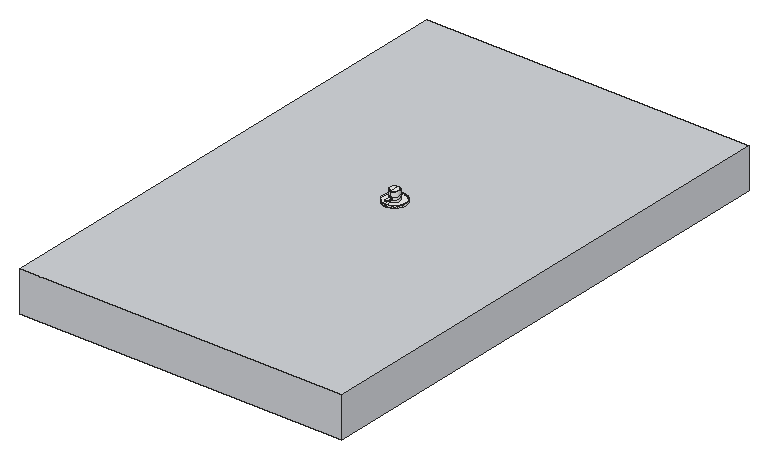
Revit family "Thermostatic_Trim-GROHE-Europlus-19878_Series", category Plumbing Fixtures, host Face, Revit 2014
Parameters (values of type "19878000")
  Width = 6 11/16"  # constant formula
  Waste Connection = no
  Warranty Documentation Link = "https://cdn.cloud.grohe.com/tpi/1000/1900/1940/1949/1949006/original/1949006.pdf"
  WFU = 4  # constant formula
  Vent Connection = no
  URL = "https://www.grohe.us/"
  Type Comments = ""
  Tempered Connection Radius = Tempered Connection Diameter / 2  # 1/4"
  Tempered Connection Diameter = Hot Water Connection Diameter  # 1/2"
  Shipping Weight = 4.222 lbf
  Product Page URL = "https://www.grohe.us/en_us/europlus-dual-function-thermostatic-trim-with-control-module-19878000.html"
  Price = "Prices may vary. Please consult Manufacturer Representative for most up-to-date price list."  # constant formula
  Model = "19878000"
  Material = "Metal-Grohe-000-Chrome"
  Manufacturer = "Grohe"
  Length = 3 7/16"  # constant formula
  Installation Type = "Wall Mounted"
  Hot Water Connection Radius = Hot Water Connection Diameter / 2  # 1/4"
  Hot Water Connection Diameter = Cold Water Connection Diameter  # 1/2"
  Height = 40"
  HWFU = 3  # constant formula
  HW Connection = yes
  Flow Rate = "6.3 gpm at 45 psi (bottom outlet), 3.2 gpm at 45 psi (top outlet)"  # constant formula
  Finish = Metal-Grohe-000-Chrome
  Description = "Europlus Dual function thermostatic trim with control module"  # constant formula
  Default Elevation = 44"  # constant formula
  Creation Date = "06/29/2017"  # constant formula
  Cold Water Connection Radius = 1/4"  # constant formula
  Cold Water Connection Diameter = Cold Water Connection Radius * 2  # 1/2"
  CWFU = 3  # constant formula
  CW Connection = yes
  Assembly Code = "D2010710"
Types (2): name | Shipping Weight | Product Page URL | Model | Material | Finish
  19878000 | 4.222 lbf | "https://www.grohe.us/en_us/europlus-dual-function-thermostatic-trim-with-control-module-19878000.html" | "19878000" | "Metal-Grohe-000-Chrome" | Metal-Grohe-000-Chrome
  19878EN0 | 4.037 lbf | "https://www.grohe.us/en_us/dual-function-thermostatic-trim-with-control-module-19878EN0.html" | "19878EN0" | "Metal-Grohe-EN0-Brushed Nickel" | Metal-Grohe-EN0-Brushed Nickel
Reference planes (in)
  plane 1 "Center (Front/Back)": y = 0
  plane 2: z = 0
  plane 3 "Center (Left/Right)": x = 0
  plane 4: y = 40
  plane 5: y = -18
  plane 6: y = -39
  plane 7: x = -1.21875
  plane 8: x = 1.21875
  plane 9: x = -3.34375
  plane 10: x = 3.34375
  plane 11: z = 0.375
  plane 12: z = 4
  plane 13: z = 3.38878
  plane 14: z = 0.8125
  plane 15: y = 3.34375
  plane 16: y = -3.34375
  plane 17: z = 2.5749
  plane 18: z = 2.22281
  plane 19: z = 1.62111
  plane 20: z = 1.4497
Forms (in)
  Extrusion 1, solid
    sketch origin (0, 0, 0) x (1, 0, 0) y (0, 1, 0)
      loop
        line (-48, 72) -> (-48, -79.70833) -> (48, -79.70833) -> (48, 72) -> (-48, 72)
    from 0 to -12
  Revolve 2, solid, material "Metal-Grohe-000-Chrome" <- "Finish"
    sketch origin (0, 0, 0) x (0, 1, 0) y (0, 0, 1)
      loop
        line (3.34375, 0) -> (3.34375, 0.4285)
        arc (3.34375, 0.4285) -> (3.32281, 0.47906) -> (3.27225, 0.5) r 0.0715
        line (3.27225, 0.5) -> (1.34375, 0.5) -> (1.34375, 1.10447) -> (1.2652, 1.10447) -> (1.2652, 1.17424) -> (1.34375, 1.17424) -> (1.34375, 1.85447) -> (1.2652, 1.85447) -> (1.2652, 1.92424) -> (1.34375, 1.92424) -> (1.34375, 3.22068)
        arc (1.34375, 3.22068) -> (1.33564, 3.24345) -> (1.31496, 3.25598) r 0.03603
        arc (1.31496, 3.25598) -> (0.66087, 3.35609) -> (0, 3.38957) r 6.53843
        line (0, 3.38957) -> (0, 0) -> (3.34375, 0)
      axis (0, 3.38957) -> (0, 0)
    angle from 0 to 360
  Extrusion 3, solid, material "Metal-Grohe-000-Chrome" <- "Finish"
    sketch origin (0, 0, 0) x (1, 0, 0) y (0, 1, 0)
      loop
        line (-0.39648, 0) -> (-0.39648, -2.96358)
        arc (-0.39648, -2.96358) -> (0, -3.36006) -> (0.39648, -2.96358) r 0.39648
        line (0.39648, -2.96358) -> (0.39648, 0) -> (-0.39648, 0)
    from 1.4497 to 1.62111
  Extrusion 4, solid, material "Metal-Grohe-000-Chrome" <- "Finish"
    sketch origin (0, 0, 0) x (1, 0, 0) y (0, 1, 0)
      loop
        line (-0.37577, 1.68869) -> (-0.37577, 0.9505) -> (0.37577, 0.9505) -> (0.37577, 1.68869)
        arc (0.37577, 1.68869) -> (0.36367, 1.73085) -> (0.33103, 1.76017) r 0.07947
        arc (0.33103, 1.76017) -> (0, 1.83632) -> (-0.33103, 1.76017) r 0.75756
        arc (-0.33103, 1.76017) -> (-0.36367, 1.73085) -> (-0.37577, 1.68869) r 0.07947
    from 2.22281 to 2.5749
  Extrusion 5, solid, material "Metal-Grohe-000-Chrome" <- "Finish"
    sketch origin (0, 0, 0) x (1, 0, 0) y (0, 1, 0)
      loop
        circle (-0.57466, 0) r 0.25
      loop
        circle (0.57466, 0) r 0.25
    from 0 to 0.0625
Cuts and joins
  joined: Revolve 2, Extrusion 3, Extrusion 4, Extrusion 5
Lines and regions (in)
  Masking region 1
    outline origin (0, 0, 0) x (1, 0, 0) y (0, 0, 1)
      loop
        line (3.34375, 0) -> (3.34375, 0.42537)
        arc (3.34375, 0.42537) -> (3.32189, 0.47814) -> (3.26912, 0.5) r 0.07463
        line (3.26912, 0.5) -> (1.34375, 0.5) -> (1.34375, 1.10447) -> (1.2652, 1.10447) -> (1.2652, 1.17424) -> (1.34375, 1.17424) -> (1.34375, 1.85447) -> (1.2652, 1.85447) -> (1.2652, 1.92424) -> (1.34375, 1.92424) -> (1.34375, 3.21741)
        arc (1.34375, 3.21741) -> (1.33415, 3.24428) -> (1.3097, 3.25899) r 0.04242
        arc (1.3097, 3.25899) -> (-0.00235, 3.38882) -> (-1.31405, 3.25547) r 6.60509
        arc (-1.31405, 3.25547) -> (-1.33538, 3.24257) -> (-1.34375, 3.21909) r 0.03712
        line (-1.34375, 3.21909) -> (-1.34375, 1.92424) -> (-1.2652, 1.92424) -> (-1.2652, 1.85447) -> (-1.34375, 1.85447) -> (-1.34375, 1.17424) -> (-1.2652, 1.17424) -> (-1.2652, 1.10447) -> (-1.34375, 1.10447) -> (-1.34375, 0.5) -> (-3.26912, 0.5)
        arc (-3.26912, 0.5) -> (-3.32189, 0.47814) -> (-3.34375, 0.42537) r 0.07463
        line (-3.34375, 0.42537) -> (-3.34375, 0) -> (3.34375, 0)
  symbolic lines, detail levels fine
    curve 1: line (0.37577, 0, 2.5749) -> (-0.37577, 0, 2.5749)
    curve 2: line (0.37577, 0, 2.22281) -> (0.37577, 0, 2.5749)
    curve 3: line (-0.37577, 0, 2.22281) -> (0.37577, 0, 2.22281)
    curve 4: line (-0.37577, 0, 2.5749) -> (-0.37577, 0, 2.22281)
    curve 5: line (1.2652, 0, 1.92424) -> (-1.2652, 0, 1.92424)
    curve 6: line (-1.2652, 0, 1.85447) -> (1.2652, 0, 1.85447)
    curve 7: line (1.2652, 0, 1.17424) -> (-1.2652, 0, 1.17424)
    curve 8: line (-1.2652, 0, 1.10447) -> (1.2652, 0, 1.10447)
  symbolic lines, detail levels medium+fine
    curve 9: line (1.34375, 0, 0.5) -> (-1.34375, 0, 0.5)
Dimensions and locks (in)
  plane 1 "Center (Front/Back)" to plane 5 = 18"
  plane 5 to plane 6 = 21"
  plane 1 "Center (Front/Back)" to plane 4 = 40"
  plane 11 to level = 3/8"
  plane 12 to level = 4"
  level to plane 13 = 3.38878"
  plane 14 to level = 13/16"
  equal spacing: plane 15, plane 1 "Center (Front/Back)", plane 16
  plane 15 to plane 16 = 6 11/16"
  "Hot Water Connection Diameter": diameter of Extrusion 5 sketch curve
  "Cold Water Connection Diameter": diameter of Extrusion 5 sketch curve
  aligned and locked: plane 2 to Extrusion 1
  aligned and locked: level to Extrusion 1
Automatic sketch dimensions
  Extrusion 1 sketch curve to Extrusion 1 sketch curve = 96"
  Extrusion 1 sketch curve to Extrusion 1 sketch curve = 151.70833"
  Revolve 2 sketch curve to plane 1 "Center (Front/Back)" = 0"  (x2)
  Revolve 2 sketch curve to level = 0"
  Revolve 2 sketch curve to plane 15 = 0"
  Revolve 2 sketch curve to plane 1 "Center (Front/Back)" = 1.2652"
  plane 14 to Revolve 2 sketch curve = 0.29197"
  Revolve 2 sketch curve to Revolve 2 sketch curve = 0"  (x3)
  plane 13 to Revolve 2 sketch curve = 0.1681"
  Revolve 2 sketch curve to Revolve 2 sketch curve = 0.04251"
  Revolve 2 sketch curve to Revolve 2 sketch curve = 0.07855"
  plane 15 to Revolve 2 sketch curve = 0.0715"
  Revolve 2 sketch curve to level = 3.14886"
  plane 11 to Revolve 2 sketch curve = 0.0535"
  Revolve 2 sketch curve to Revolve 2 sketch curve = 0.06977"  (x2)
  Revolve 2 sketch curve to Revolve 2 sketch curve = 0.68023"
  Revolve 2 sketch curve to plane 13 = 0.00079"
  plane 12 to Revolve 2 sketch curve = 1.99585"
  Revolve 2 sketch curve to Revolve 2 sketch curve = 0.35576"
  plane 1 "Center (Front/Back)" to Extrusion 3 sketch curve = 0"
  Extrusion 3 sketch curve to plane 3 "Center (Left/Right)" = 0"
  plane 16 to Extrusion 3 sketch curve = 0.38017"
  plane 3 "Center (Left/Right)" to Extrusion 3 sketch curve = 0.39648"
  Extrusion 4 sketch curve to plane 3 "Center (Left/Right)" = 0"
  Extrusion 4 sketch curve to plane 3 "Center (Left/Right)" = 0.2963"
  plane 3 "Center (Left/Right)" to Extrusion 4 sketch curve = 0.2963"
  Extrusion 4 sketch curve to Extrusion 4 sketch curve = 0.07947"
  Extrusion 4 sketch curve to plane 1 "Center (Front/Back)" = 0.9505"
  Extrusion 4 sketch curve to Extrusion 4 sketch curve = 0.12826"
  Extrusion 4 sketch curve to Extrusion 4 sketch curve = 0"  (x3)
  Extrusion 4 sketch curve to Extrusion 4 sketch curve = 0.04474"
  Masking region 1 sketch curve to plane 9 = 0"
  plane 10 to Masking region 1 sketch curve = 0"
  Masking region 1 sketch curve to level = 0"
  Masking region 1 sketch curve to Masking region 1 sketch curve = 0.07463"
  Masking region 1 sketch curve to plane 7 = 1/8"
  Masking region 1 sketch curve to Masking region 1 sketch curve = 0"  (x4)
  Masking region 1 sketch curve to Masking region 1 sketch curve = 0.03712"
  Masking region 1 sketch curve to plane 7 = 0.04645"  (x2)
  plane 3 "Center (Left/Right)" to Masking region 1 sketch curve = 0.00652"
  Masking region 1 sketch curve to plane 8 = 0.04645"  (x2)
  Masking region 1 sketch curve to plane 8 = 0.08258"
  Masking region 1 sketch curve to Masking region 1 sketch curve = 0.04242"
  Masking region 1 sketch curve to plane 8 = 1/8"
  plane 10 to Masking region 1 sketch curve = 0.07463"
  Masking region 1 sketch curve to level = 3.21626"
  Masking region 1 sketch curve to plane 14 = 0.38713"  (x2)
  plane 14 to Masking region 1 sketch curve = 0.29197"  (x2)
  Masking region 1 sketch curve to Masking region 1 sketch curve = 0.06977"  (x4)
  plane 19 to Masking region 1 sketch curve = 0.23336"  (x2)
  plane 13 to Masking region 1 sketch curve = 0.17137"
  plane 13 to Masking region 1 sketch curve = 0.16968"
  curve 4 to plane 17 = 0"
  curve 4 to plane 18 = 0"
  curve 4 to plane 3 "Center (Left/Right)" = 0.37577"
  plane 3 "Center (Left/Right)" to curve 3 = 0.37577"
  curve 5 to plane 7 = 0.04645"
  curve 6 to plane 7 = 0.04645"
  curve 7 to plane 7 = 0.04645"
  curve 8 to plane 7 = 0.04645"
  curve 9 to plane 7 = 1/8"
  curve 5 to plane 8 = 0.04645"
  curve 8 to plane 8 = 0.04645"
  curve 6 to plane 8 = 0.04645"
  curve 7 to plane 8 = 0.04645"
  curve 9 to plane 8 = 1/8"
  curve 5 to plane 18 = 0.29856"
  curve 6 to curve 5 = 0.06977"
  curve 7 to plane 20 = 0.27546"
  curve 8 to curve 7 = 0.06977"
  curve 9 to plane 14 = 5/16"
  plane 1 "Center (Front/Back)" to Extrusion 5 sketch curve = 0"  (x2)
  Extrusion 5 sketch curve to plane 3 "Center (Left/Right)" = 0.57466"
  plane 3 "Center (Left/Right)" to Extrusion 5 sketch curve = 0.57466"
Connectors (in)
  piping at (-0.57466, 0, 0), diameter 0.5, driven by "Hot Water Connection Diameter"
    settings: on Extrusion 5, index 1, connector inside diameter 24", connector length 0", flow factor 0, pipe flow 0 GPM, pressure drop 0.00 psi, fitting loss kfactor 0, connector angle 0.00°, fixture units 0, engagement length 0", angle of deflection 0.00°, flow configuration 3, flow direction 1, fitting loss method 0, system type 19, joint type 0, gender type 0, connector reference index -1, connector utility 0, adjustable connector no, is connector primary yes, connector description "1/2\" NPT HW Inlet"
  piping at (0.57466, 0, 0), diameter 0.5, driven by "Cold Water Connection Diameter"
    settings: on Extrusion 5, index 2, connector inside diameter 24", connector length 0", flow factor 0, pipe flow 0 GPM, pressure drop 0.00 psi, fitting loss kfactor 0, connector angle 0.00°, fixture units 0, engagement length 0", angle of deflection 0.00°, flow configuration 3, flow direction 1, fitting loss method 0, system type 20, joint type 0, gender type 0, connector reference index -1, connector utility 0, adjustable connector no, is connector primary no, connector description "1/2\" NPT CW Inlet"
